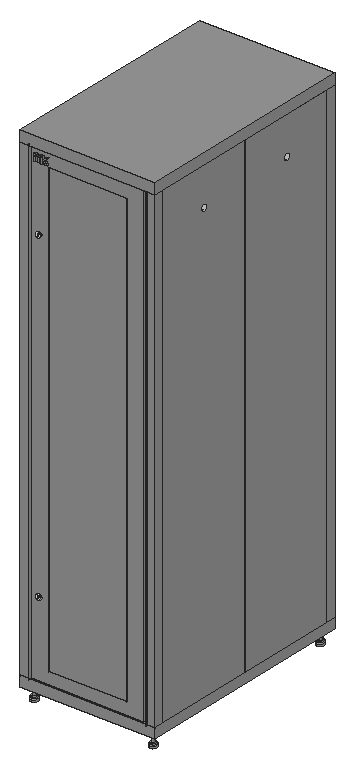
Revit family "ITK_Шкаф сетевой LINEA E_Напольный_24U-47U_IP00", category Электрооборудование, Revit 2019
Family settings
  Размер круглого соединителя = Использовать диаметр
  Тип детали = Другая панель
  На основе рабочей плоскости = Нет
  Всегда вертикально = Да
  При загрузке вырезать с полостями = Нет
  Общий = Нет
  Точка расчета площади = Нет
Parameters (values of type "В2220хШ600хГ1000_Серый_2PM")
  Ширина = 600 mm
  Степень защиты = "IP00"
  Ролики = no
  Панель боковая_ITK_2шт = no
  Панель боковая (1000 мм)_2шт = yes
  Основание = 56 mm
  Материал стекла (перфорации) = Окраска - RAL 7035 перфорация
  Материал = Окраска - RAL 7035
  Изготовитель = "ITK"  # constant formula
  Дата изменения = ""
  Глубина = 1000 mm
  Высота общая = Высота + Основание  # 2276 mm
  Высота = 2220 mm
  УГО двухдверного шкафа = yes
  Тип монтажа = "Напольный"  # constant formula
  ΔХ [instance] = 2000 mm
  ΔY [instance] = 2000 mm
  URL = "https://www.iek.ru/"
  KSI_CPr_Строительные изделия = "61.1.04.08"  # constant formula
  KSI_CMa_Строительные материалы = "10.03.02.06"  # constant formula
  IEK_Цена за единицу = 34629.22
  IEK_Поиск в таблице имен = ""
  IEK_Описание = "Широкий ассортимент исполнений и габаритов.\r\nСборно-разборная конструкция.\r\nL-образная форма 19\" монтажных профилей.\r\n19\" монтажные профили регулируются по глубине и имеют цифровую маркировку высоты в юнитах.\r\nДоступ к внутреннему пространству шкафа возможен с 4-х сторон.\r\nБоковые стенки съёмные, оснащены замком.\r\nВсе токопроводящие элементы конструкции имеют шпильки заземления.\r\nДва точечных дверных замка.\r\nДверь может легко и быстро перенавешиваться.\r\nЗащитная пленка на стекле у обзорной двери.\r\nВентилируемая дверь имеет 75% перфорации.\r\nПолностью совместимы с ассортиментом дверей шкафов LINEA N.\r\nХорошая естественная вентиляция, возможность установки дополнительных вентиляторных панелей серии ПВ.\r\nВозможна одновременная установка шкафа на ножки и на ролики.\r\nНаличие большого количества совместимых аксессуаров и комплектующих производства ITK.\r\nВыполнены в соответствии со стандартами IEC62208, IEC60950, ТР ТС 020/2011, ГОСТ 28601.1-90 и 28601.2-90, ГОСТ 14254.\r\nПоставляются в надёжной и прочной деревянной обрешётке."
  IEK_URL = "https://www.itk-group.ru/produktsiya/catalog/oborudovanie_telekommunikatsionnoe/shkafy_telekommunikatsionnye/shkafy_setevye_napolnye/shkafy_serii_linea_e/600x1000mm/itk_shkaf_setevoy_napolnyy_linea_e_47u_600kh1000mm_perforirovannaya_perednyaya_dver_zadnyaya_metallicheskaya_seryy"
  ADSK_Примечание = ""
  ADSK_Позиция [instance] = ""
  ADSK_Наименование = "ITK Шкаф сетевой 19\" LINEA E 47U В2220хШ600хГ1000 мм, перфорированная передняя дверь, задняя металлическая, серый"
  ADSK_Материал обозначение = ""
  ADSK_Материал наименование = "Листовая сталь"  # constant formula
  ADSK_Масса = 147.2
  ADSK_Марка = "LINEA E"  # constant formula
  ADSK_Код изделия = "LE35-47U61-PM"
  ADSK_Завод-изготовитель = "IEK"  # constant formula
  ADSK_Единица измерения = "шт"  # constant formula
  ADSK_Группирование = "I. ЩИТЫ И ПУЛЬТЫ"  # constant formula
  ADSK_Версия семейства = "1.0"  # constant formula
  ADSK_Версия Revit = "2019"  # constant formula
  ADSK_URL страницы изделия = "https://www.itk-group.ru/produktsiya/catalog/oborudovanie_telekommunikatsionnoe/shkafy_telekommunikatsionnye/shkafy_setevye_napolnye/shkafy_serii_linea_e/600x1000mm/"
Reference planes
  plane 1 "По центру (Вперед/Назад)": y = 0
  plane 2: z = 0
  plane 3 "По центру (Влево/Вправо)": x = 0
  plane 4: y = 500
  plane 5: y = -500
  plane 6: x = -300
  plane 7: x = 300
  plane 8 "Высота ножек": z = 56
  plane 9 "Смещение УГО по X": x = -2000
  plane 10 "Смещение УГО по Y": y = 2000
  plane 11: z = 2276
Forms (mm)
  Extrusion 1, solid, detail levels coarse
    sketch origin (0, 0, 0) x (1, 0, 0) y (0, 1, 0)
      loop
        line (-300, 500) -> (-300, -500) -> (300, -500) -> (300, 500) -> (-300, 500)
    from 0 to 2276 <- "Высота общая"
  Extrusion 2, solid, detail levels medium
    sketch origin (0, 0, 0) x (1, 0, 0) y (0, 1, 0)
      loop
        line (-300, 500) -> (-300, -500) -> (300, -500) -> (300, 500) -> (-300, 500)
    from 0 to 2276 <- "Высота общая"
Lines and regions (mm)
  reference lines
    curve 1: line (0, 90, 0) -> (0, -90, 0)
    curve 2: line (-140, 0, 0) -> (100, 0, 0)
Dimensions and locks
  equal spacing: plane 6, plane 3 "По центру (Влево/Вправо)", plane 7
  "Ширина": plane 6 to plane 7
  equal spacing: plane 4, plane 1 "По центру (Вперед/Назад)", plane 5
  "Глубина": plane 4 to plane 5
  "Основание": plane 8 "Высота ножек" to plane 2
  "ΔY": plane 10 "Смещение УГО по Y" to curve 2
  "ΔХ": plane 9 "Смещение УГО по X" to curve 1
  "Высота": plane 11 to plane 8 "Высота ножек"
  aligned and locked: level to plane 2
  aligned and locked: nested 1 to curve 1
  aligned and locked: nested 1 to curve 2
  aligned and locked: Extrusion 1 sketch curve to plane 4
  aligned and locked: Extrusion 1 sketch curve to plane 6
  aligned and locked: Extrusion 1 sketch curve to plane 7
  aligned and locked: Extrusion 1 sketch curve to plane 5
  aligned and locked: Extrusion 2 sketch curve to plane 6
  aligned and locked: Extrusion 2 sketch curve to plane 7
  aligned and locked: Extrusion 2 sketch curve to plane 4
  aligned and locked: Extrusion 2 sketch curve to plane 5
Automatic sketch dimensions
  curve 2 to plane 3 "По центру (Влево/Вправо)" = 140 mm
  plane 3 "По центру (Влево/Вправо)" to curve 2 = 100 mm
  plane 1 "По центру (Вперед/Назад)" to curve 1 = 90 mm
  curve 1 to plane 1 "По центру (Вперед/Назад)" = 90 mm
Nested families
  nested 1: "УГО_шкафа_ITK" at (0, 0, 0), type "УГО двудверного шкафа", detail levels coarse+medium
    with Ширина УГО 600 mm, Засечка УГО 400 mm, Глубина УГО 1000 mm
  nested 2: "Ножки_ITK" at (0, 0, 0), type "Ножки_ITK", detail levels fine
    with Ширина 600 mm, Основание 56 mm, Глубина 1000 mm
  nested 3: "Комплект роликов" at (0, 0, 0), visible <- "Ролики", Ширина <- "Ширина", Основание <- "Основание", Глубина <- "Глубина", type "Комплект роликов", detail levels fine
    with Ширина 600 mm, Основание 56 mm, Глубина 1000 mm
  nested 4: "Панель боковая_ITK_2шт" at (0, 0, 0), visible <- "Панель боковая_ITK_2шт", type "Панель боковая_ITK_2шт", detail levels fine
    with Глубина 1000 mm, Высота общая 2276 mm
  nested 5: "Основание_ITK_2шт" at (0, 0, 0), type "Основание_ITK_2шт", detail levels fine
    with Ширина 600 mm, Глубина 1000 mm, Высота общая 2276 mm
  nested 6: "Стойка_ITK_комплект 4шт" at (0, 0, 0), type "Стойка_ITK_комплект 4шт", detail levels fine
    with Ширина 600 mm, Глубина 1000 mm, Высота общая 2276 mm
  nested 7: "Комплект двери_мет_зад_ITK" at (0, 0, 0), type "Комплект двери_мет_зад_ITK", detail levels fine
    with Глубина 1000 mm, Высота общая 2276 mm
  nested 8: "Комплект двери перфорированной_ITK" at (0, 0, 0), type "Комплект двери перфорированной_ITK", detail levels fine
    with Глубина 1000 mm, Высота общая 2276 mm
  nested 9: "Панель боковая (1000 мм)_2шт" at (0, 0, 0), visible <- "Панель боковая (1000 мм)_2шт", type "Панель боковая (1000 мм)_2шт", detail levels fine
    with Глубина 1000 mm, Высота общая 2276 mm
Connectors
  electrical at (0, 0, 0)
    settings: on Extrusion 1, index 1, voltage 220 V, apparent load 0 VA, apparent load phase1 1 VA, apparent load phase2 0 VA, apparent load phase3 0 VA, power factor 1, load classification "Прочее", number of poles 1, system type 9, power factor state 1, is connector primary yes, connector utility no, sub classification motor no, connector description ""
Definition of nested family "Ножки_ITK"
  Parameters (values of type "Ножки_ITK")
    Ширина = 800 mm
    Основание = 43 mm
    Глубина = 800 mm
  Reference planes
    plane 1 "По центру (Вперед/Назад)": y = 0
    plane 2: z = 0
    plane 3 "По центру (Влево/Вправо)": x = 0
    plane 4: x = -400
    plane 5: x = 400
    plane 6: y = 400
    plane 7: y = -400
    plane 8: y = 365
    plane 9: y = -365
    plane 10 "Ось ножки-1": x = -365
    plane 11 "Ось ножки-2": x = 365
    plane 12: z = 43
  Forms (mm)
    Revolve 1, solid
      sketch origin (-365, 0, -0.503) x (0, 1, 0) y (0, 0, 1)
        loop
          line (-365, 43.503) -> (-365, 0.503) -> (-351, 0.503) -> (-351, 2) -> (-348, 2) -> (-348, 10)
          arc (-348, 10) -> (-348.586, 11.414) -> (-350, 12) r 2
          line (-350, 12) -> (-354.354, 12) -> (-354.354, 19)
          arc (-354.354, 19) -> (-354.647, 19.707) -> (-355.354, 20) r 1
          line (-355.354, 20) -> (-359, 20) -> (-359, 43.503) -> (-365, 43.503)
        axis (-365, 43.503) -> (-365, 0.503)
      angle from 0 to 360
    Revolve 2, solid
      sketch origin (365, 0, -0.503) x (0, 1, 0) y (0, 0, -1)
        loop
          line (-365, -43.503) -> (-359, -43.503) -> (-359, -20) -> (-355.354, -20)
          arc (-355.354, -20) -> (-354.647, -19.707) -> (-354.354, -19) r 1
          line (-354.354, -19) -> (-354.354, -12) -> (-350, -12)
          arc (-350, -12) -> (-348.586, -11.414) -> (-348, -10) r 2
          line (-348, -10) -> (-348, -2) -> (-351, -2) -> (-351, -0.503) -> (-365, -0.503) -> (-365, -43.503)
        axis (-365, -43.503) -> (-365, -0.503)
      angle from 0 to 360
    Revolve 3, solid
      sketch origin (-365, 0, -0.503) x (0, -1, 0) y (0, 0, -1)
        loop
          line (-365, -43.503) -> (-359, -43.503) -> (-359, -20) -> (-355.354, -20)
          arc (-355.354, -20) -> (-354.647, -19.707) -> (-354.354, -19) r 1
          line (-354.354, -19) -> (-354.354, -12) -> (-350, -12)
          arc (-350, -12) -> (-348.586, -11.414) -> (-348, -10) r 2
          line (-348, -10) -> (-348, -2) -> (-351, -2) -> (-351, -0.503) -> (-365, -0.503) -> (-365, -43.503)
        axis (-365, -43.503) -> (-365, -0.503)
      angle from 0 to 360
    Revolve 4, solid
      sketch origin (365, 0, -0.503) x (0, -1, 0) y (0, 0, 1)
        loop
          line (-365, 43.503) -> (-365, 0.503) -> (-351, 0.503) -> (-351, 2) -> (-348, 2) -> (-348, 10)
          arc (-348, 10) -> (-348.586, 11.414) -> (-350, 12) r 2
          line (-350, 12) -> (-354.354, 12) -> (-354.354, 19)
          arc (-354.354, 19) -> (-354.647, 19.707) -> (-355.354, 20) r 1
          line (-355.354, 20) -> (-359, 20) -> (-359, 43.503) -> (-365, 43.503)
        axis (-365, 43.503) -> (-365, 0.503)
      angle from 0 to 360
  Dimensions and locks
    equal spacing: plane 7, plane 1 "По центру (Вперед/Назад)", plane 6
    equal spacing: plane 4, plane 3 "По центру (Влево/Вправо)", plane 5
    "Ширина": plane 4 to plane 5
    "Глубина": plane 7 to plane 6
    "Основание": plane 12 to plane 2
    locked: plane 6 to plane 8 at 35
    locked: plane 7 to plane 9 at 35
    locked: plane 4 to plane 10 "Ось ножки-1" at 35
    locked: plane 11 "Ось ножки-2" to plane 5 at 35
    aligned and locked: level to plane 2
    aligned and locked: plane 10 "Ось ножки-1" to Revolve 1
    aligned and locked: plane 11 "Ось ножки-2" to Revolve 4
    aligned and locked: plane 11 "Ось ножки-2" to Revolve 2
    aligned and locked: plane 10 "Ось ножки-1" to Revolve 3
    aligned and locked: plane 12 to Revolve 1
    aligned and locked: Revolve 3 to plane 12
    aligned and locked: Revolve 2 to plane 12
    aligned and locked: plane 12 to Revolve 4
  Automatic sketch dimensions
    Revolve 1 sketch curve to plane 9 = 0 mm  (x2)
    level to Revolve 1 sketch curve = 0 mm
    Revolve 1 sketch curve to plane 9 = 6 mm
    Revolve 1 sketch curve to Revolve 1 sketch curve = 3.646 mm
    Revolve 1 sketch curve to Revolve 1 sketch curve = 1 mm
    Revolve 1 sketch curve to Revolve 1 sketch curve = 3.354 mm
    Revolve 1 sketch curve to Revolve 1 sketch curve = 4.354 mm
    Revolve 1 sketch curve to Revolve 1 sketch curve = 2 mm
    level to Revolve 1 sketch curve = 1.497 mm
    Revolve 1 sketch curve to plane 12 = 0 mm
    Revolve 1 sketch curve to level = 305.303 mm
    Revolve 2 sketch curve to plane 9 = 0 mm  (x2)
    level to Revolve 2 sketch curve = 0 mm
    Revolve 2 sketch curve to plane 9 = 6 mm
    Revolve 2 sketch curve to Revolve 2 sketch curve = 3.646 mm
    Revolve 2 sketch curve to Revolve 2 sketch curve = 1 mm
    Revolve 2 sketch curve to Revolve 2 sketch curve = 3.354 mm
    Revolve 2 sketch curve to Revolve 2 sketch curve = 4.354 mm
    Revolve 2 sketch curve to Revolve 2 sketch curve = 2 mm
    Revolve 2 sketch curve to plane 12 = 0 mm
    level to Revolve 2 sketch curve = 1.497 mm
    Revolve 2 sketch curve to level = 305.303 mm
    Revolve 3 sketch curve to plane 8 = 0 mm  (x2)
    level to Revolve 3 sketch curve = 0 mm
    Revolve 3 sketch curve to plane 8 = 6 mm
    Revolve 3 sketch curve to Revolve 3 sketch curve = 3.646 mm
    Revolve 3 sketch curve to Revolve 3 sketch curve = 1 mm
    Revolve 3 sketch curve to Revolve 3 sketch curve = 3.354 mm
    Revolve 3 sketch curve to Revolve 3 sketch curve = 4.354 mm
    Revolve 3 sketch curve to Revolve 3 sketch curve = 2 mm
    Revolve 3 sketch curve to plane 12 = 0 mm
    level to Revolve 3 sketch curve = 1.497 mm
    Revolve 3 sketch curve to level = 305.303 mm
    Revolve 4 sketch curve to plane 8 = 0 mm  (x2)
    level to Revolve 4 sketch curve = 0 mm
    Revolve 4 sketch curve to plane 8 = 6 mm
    Revolve 4 sketch curve to Revolve 4 sketch curve = 3.646 mm
    Revolve 4 sketch curve to Revolve 4 sketch curve = 1 mm
    Revolve 4 sketch curve to Revolve 4 sketch curve = 3.354 mm
    Revolve 4 sketch curve to Revolve 4 sketch curve = 4.354 mm
    Revolve 4 sketch curve to Revolve 4 sketch curve = 2 mm
    level to Revolve 4 sketch curve = 1.497 mm
    Revolve 4 sketch curve to plane 12 = 0 mm
    Revolve 4 sketch curve to level = 305.303 mm
    Revolve 1 sketch curve to Revolve 1 sketch curve = 8 mm
    Revolve 1 sketch curve to Revolve 1 sketch curve = 7 mm
    level to Revolve 2 sketch curve = 19.497 mm
    Revolve 2 sketch curve to Revolve 2 sketch curve = 7 mm
    level to Revolve 3 sketch curve = 19.497 mm
    Revolve 3 sketch curve to Revolve 3 sketch curve = 7 mm
    Revolve 4 sketch curve to Revolve 4 sketch curve = 8 mm
    Revolve 4 sketch curve to Revolve 4 sketch curve = 7 mm
    plane 12 to Revolve 1 sketch curve = 2387.897 mm
    plane 12 to Revolve 2 sketch curve = 2387.897 mm
    plane 12 to Revolve 3 sketch curve = 2387.897 mm
    plane 12 to Revolve 4 sketch curve = 2387.897 mm
Definition of nested family "Комплект роликов"
  Parameters (values of type "Комплект роликов")
    Ширина [instance] = 800 mm
    Основание [instance] = 43 mm
    Глубина [instance] = 800 mm
  Reference planes
    plane 1 "По центру (Вперед/Назад)": y = 0
    plane 2: z = 0
    plane 3 "По центру (Влево/Вправо)": x = 0
    plane 4: x = -400
    plane 5: x = 400
    plane 6: y = 400
    plane 7: y = -400
    plane 8: y = 300
    plane 9: y = -300
    plane 10 "Ось ножки-1": x = -300
    plane 11 "Ось ножки-2": x = 300
    plane 12: z = 43
    plane 13: z = 20
  Forms (mm)
    Revolve 1, solid
      sketch origin (-300, -12, 0) x (0, 1, 0) y (0, 0, 1)
        loop
          line (-300, 0) -> (-290, 0) -> (-290, 15) -> (-300, 15) -> (-310, 15) -> (-310, 0) -> (-300, 0)
        axis (-310, 20) -> (-290, 20)
      angle from 0 to 360
    Extrusion 2, solid
      sketch origin (-300.035, -12, 0) x (1, 0, 0) y (0, 0, 1)
        loop
          line (-35, 43) -> (-19.39, 18.019)
          arc (-19.39, 18.019) -> (-15.758, 14.572) -> (-10.91, 13.318) r 10
          line (-10.91, 13.318) -> (0, 13.318) -> (10.979, 13.318)
          arc (10.979, 13.318) -> (15.828, 14.572) -> (19.46, 18.019) r 10
          line (19.46, 18.019) -> (35.07, 43) -> (-35, 43)
      from 310 to 312
    Extrusion 3, solid
      sketch origin (-300.035, 10, 0) x (1, 0, 0) y (0, 0, 1)
        loop
          line (-35, 43) -> (-19.39, 18.019)
          arc (-19.39, 18.019) -> (-15.758, 14.572) -> (-10.91, 13.318) r 10
          line (-10.91, 13.318) -> (0, 13.318) -> (10.979, 13.318)
          arc (10.979, 13.318) -> (15.828, 14.572) -> (19.46, 18.019) r 10
          line (19.46, 18.019) -> (35.07, 43) -> (-35, 43)
      from 310 to 312
    Revolve 4, solid
      sketch origin (-300, 612, 0) x (0, 1, 0) y (0, 0, 1)
        loop
          line (-300, 0) -> (-290, 0) -> (-290, 15) -> (-300, 15) -> (-310, 15) -> (-310, 0) -> (-300, 0)
        axis (-310, 20) -> (-290, 20)
      angle from 0 to 360
    Extrusion 5, solid
      sketch origin (-268.608, 574, 0) x (1, 0, 0) y (0, 0, 1)
        loop
          line (-66.426, 43) -> (-50.817, 18.019)
          arc (-50.817, 18.019) -> (-47.184, 14.572) -> (-42.336, 13.318) r 10
          line (-42.336, 13.318) -> (-31.426, 13.318) -> (-20.447, 13.318)
          arc (-20.447, 13.318) -> (-15.599, 14.572) -> (-11.966, 18.019) r 10
          line (-11.966, 18.019) -> (3.643, 43) -> (-66.426, 43)
      from 272 to 274
    Extrusion 6, solid
      sketch origin (-300.035, 596, 0) x (1, 0, 0) y (0, 0, 1)
        loop
          line (-35, 43) -> (-19.39, 18.019)
          arc (-19.39, 18.019) -> (-15.758, 14.572) -> (-10.91, 13.318) r 10
          line (-10.91, 13.318) -> (0, 13.318) -> (10.979, 13.318)
          arc (10.979, 13.318) -> (15.828, 14.572) -> (19.46, 18.019) r 10
          line (19.46, 18.019) -> (35.07, 43) -> (-35, 43)
      from 272 to 274
    Revolve 7, solid
      sketch origin (300, 612, 0) x (0, 1, 0) y (0, 0, 1)
        loop
          line (-300, 0) -> (-290, 0) -> (-290, 15) -> (-300, 15) -> (-310, 15) -> (-310, 0) -> (-300, 0)
        axis (-310, 20) -> (-290, 20)
      angle from 0 to 360
    Extrusion 8, solid
      sketch origin (11.392, 574, 0) x (1, 0, 0) y (0, 0, 1)
        loop
          line (253.574, 43) -> (269.183, 18.019)
          arc (269.183, 18.019) -> (272.816, 14.572) -> (277.664, 13.318) r 10
          line (277.664, 13.318) -> (288.574, 13.318) -> (299.553, 13.318)
          arc (299.553, 13.318) -> (304.401, 14.572) -> (308.034, 18.019) r 10
          line (308.034, 18.019) -> (323.643, 43) -> (253.574, 43)
      from 272 to 274
    Extrusion 9, solid
      sketch origin (-20.035, 596, 0) x (1, 0, 0) y (0, 0, 1)
        loop
          line (285, 43) -> (300.61, 18.019)
          arc (300.61, 18.019) -> (304.242, 14.572) -> (309.09, 13.318) r 10
          line (309.09, 13.318) -> (320, 13.318) -> (330.979, 13.318)
          arc (330.979, 13.318) -> (335.828, 14.572) -> (339.46, 18.019) r 10
          line (339.46, 18.019) -> (355.07, 43) -> (285, 43)
      from 272 to 274
    Revolve 10, solid
      sketch origin (300, 338, 0) x (0, 1, 0) y (0, 0, 1)
        loop
          line (-650, 0) -> (-640, 0) -> (-640, 15) -> (-650, 15) -> (-660, 15) -> (-660, 0) -> (-650, 0)
        axis (-660, 20) -> (-640, 20)
      angle from 0 to 360
    Extrusion 11, solid
      sketch origin (11.392, 300, 0) x (1, 0, 0) y (0, 0, 1)
        loop
          line (253.574, 43) -> (269.183, 18.019)
          arc (269.183, 18.019) -> (272.816, 14.572) -> (277.664, 13.318) r 10
          line (277.664, 13.318) -> (288.574, 13.318) -> (299.553, 13.318)
          arc (299.553, 13.318) -> (304.401, 14.572) -> (308.034, 18.019) r 10
          line (308.034, 18.019) -> (323.643, 43) -> (253.574, 43)
      from 622 to 624
    Extrusion 12, solid
      sketch origin (-20.035, 322, 0) x (1, 0, 0) y (0, 0, 1)
        loop
          line (285, 43) -> (300.61, 18.019)
          arc (300.61, 18.019) -> (304.242, 14.572) -> (309.09, 13.318) r 10
          line (309.09, 13.318) -> (320, 13.318) -> (330.979, 13.318)
          arc (330.979, 13.318) -> (335.828, 14.572) -> (339.46, 18.019) r 10
          line (339.46, 18.019) -> (355.07, 43) -> (285, 43)
      from 622 to 624
  Dimensions and locks
    equal spacing: plane 7, plane 1 "По центру (Вперед/Назад)", plane 6
    equal spacing: plane 4, plane 3 "По центру (Влево/Вправо)", plane 5
    "Ширина": plane 4 to plane 5
    "Глубина": plane 7 to plane 6
    "Основание": plane 12 to plane 2
    locked: plane 6 to plane 8 at 100
    locked: plane 7 to plane 9 at 100
    locked: plane 4 to plane 10 "Ось ножки-1" at 100
    locked: plane 11 "Ось ножки-2" to plane 5 at 100
    plane 13 to level = 20 mm
    Extrusion 2 to plane 10 "Ось ножки-1" to Extrusion 2 = 35.035 mm locked, 35.035 mm locked
    locked: Extrusion 3 to plane 9 at 2
    locked: Extrusion 2 to Extrusion 2 at 2
    locked: Extrusion 2 to Extrusion 3 at 20
    locked: Extrusion 5 to plane 8 at 2
    locked: Extrusion 6 to Extrusion 6 at 2
    locked: Extrusion 5 to Extrusion 6 at 20
    locked: Extrusion 9 to Extrusion 9 at 2
    locked: Extrusion 8 to Extrusion 9 at 20  (x2)
    locked: Extrusion 8 to plane 8 at 2
    locked: Extrusion 12 to Extrusion 12 at 2
    locked: Extrusion 11 to Extrusion 12 at 20  (x2)
    locked: Extrusion 11 to Extrusion 11 at 2
    aligned and locked: level to plane 2
    aligned and locked: plane 10 "Ось ножки-1" to Revolve 1
    aligned and locked: Extrusion 2 to Revolve 1
    aligned and locked: Extrusion 5 to Revolve 4
    aligned and locked: plane 10 "Ось ножки-1" to Revolve 4
    aligned and locked: Extrusion 3 to plane 9
    aligned and locked: Revolve 1 to Extrusion 3
    aligned and locked: Extrusion 5 to plane 8
    aligned and locked: Revolve 4 to Extrusion 6
    aligned and locked: Extrusion 8 to Revolve 7
    aligned and locked: Revolve 7 to Extrusion 9
    aligned and locked: plane 11 "Ось ножки-2" to Revolve 7
    aligned and locked: Extrusion 8 to plane 8
    aligned and locked: Extrusion 11 to Revolve 10
    aligned and locked: Revolve 10 to Extrusion 12
    aligned and locked: Extrusion 12 to plane 9
    aligned and locked: plane 11 "Ось ножки-2" to Revolve 10
  Automatic sketch dimensions
    Revolve 1 sketch curve to plane 13 = 0 mm
    Revolve 1 sketch curve to level = 0 mm
    plane 9 to Revolve 1 sketch curve = 22 mm
    Revolve 1 sketch curve to Revolve 1 sketch curve = 10 mm  (x2)
    Revolve 1 sketch curve to plane 13 = 5 mm
    plane 9 to Revolve 1 sketch curve = 2 mm
    plane 7 to Revolve 1 sketch curve = 27.065 mm
    Revolve 1 sketch curve to plane 8 = 39.968 mm
    Extrusion 2 sketch curve to plane 12 = 0 mm
    Extrusion 2 sketch curve to plane 10 "Ось ножки-1" = 35.035 mm
    Extrusion 2 sketch curve to plane 13 = 1.981 mm  (x2)
    Extrusion 2 sketch curve to plane 10 "Ось ножки-1" = 19.425 mm
    plane 13 to Extrusion 2 sketch curve = 3.318 mm  (x2)
    Extrusion 2 sketch curve to Extrusion 2 sketch curve = 8.48 mm
    Extrusion 2 sketch curve to plane 10 "Ось ножки-1" = 0.035 mm
    plane 10 "Ось ножки-1" to Extrusion 2 sketch curve = 10.945 mm
    Extrusion 2 sketch curve to Extrusion 2 sketch curve = 15.61 mm
    Extrusion 3 sketch curve to plane 12 = 0 mm
    Extrusion 3 sketch curve to plane 10 "Ось ножки-1" = 35.035 mm
    Extrusion 3 sketch curve to plane 13 = 1.981 mm  (x2)
    Extrusion 3 sketch curve to plane 10 "Ось ножки-1" = 19.425 mm
    plane 13 to Extrusion 3 sketch curve = 3.318 mm  (x2)
    Extrusion 3 sketch curve to Extrusion 3 sketch curve = 8.48 mm
    Extrusion 3 sketch curve to plane 10 "Ось ножки-1" = 0.035 mm
    plane 10 "Ось ножки-1" to Extrusion 3 sketch curve = 10.945 mm
    Extrusion 3 sketch curve to Extrusion 3 sketch curve = 15.61 mm
    Revolve 4 sketch curve to plane 13 = 0 mm
    Revolve 4 sketch curve to level = 0 mm
    plane 8 to Revolve 4 sketch curve = 2 mm
    Revolve 4 sketch curve to Revolve 4 sketch curve = 10 mm  (x3)
    Revolve 4 sketch curve to plane 13 = 5 mm
    Revolve 4 sketch curve to plane 1 "По центру (Вперед/Назад)" = 7.935 mm
    plane 6 to Revolve 4 sketch curve = 295.032 mm
    Extrusion 5 sketch curve to plane 12 = 0 mm
    Extrusion 5 sketch curve to plane 10 "Ось ножки-1" = 35.035 mm
    Extrusion 5 sketch curve to plane 13 = 1.981 mm  (x2)
    Extrusion 5 sketch curve to plane 10 "Ось ножки-1" = 19.425 mm
    plane 13 to Extrusion 5 sketch curve = 3.318 mm  (x2)
    Extrusion 5 sketch curve to Extrusion 5 sketch curve = 8.48 mm
    Extrusion 5 sketch curve to plane 10 "Ось ножки-1" = 0.035 mm
    plane 10 "Ось ножки-1" to Extrusion 5 sketch curve = 10.945 mm
    Extrusion 5 sketch curve to Extrusion 5 sketch curve = 15.61 mm
    Extrusion 6 sketch curve to plane 12 = 0 mm
    Extrusion 6 sketch curve to plane 10 "Ось ножки-1" = 35.035 mm
    Extrusion 6 sketch curve to plane 13 = 1.981 mm  (x2)
    Extrusion 6 sketch curve to plane 10 "Ось ножки-1" = 19.425 mm
    plane 13 to Extrusion 6 sketch curve = 3.318 mm  (x2)
    Extrusion 6 sketch curve to Extrusion 6 sketch curve = 8.48 mm
    Extrusion 6 sketch curve to plane 10 "Ось ножки-1" = 0.035 mm
    plane 10 "Ось ножки-1" to Extrusion 6 sketch curve = 10.945 mm
    Extrusion 6 sketch curve to Extrusion 6 sketch curve = 15.61 mm
    Revolve 7 sketch curve to plane 13 = 0 mm
    Revolve 7 sketch curve to level = 0 mm
    plane 8 to Revolve 7 sketch curve = 2 mm
    Revolve 7 sketch curve to Revolve 7 sketch curve = 10 mm  (x3)
    Revolve 7 sketch curve to plane 13 = 5 mm
    Revolve 7 sketch curve to plane 1 "По центру (Вперед/Назад)" = 7.935 mm
    plane 6 to Revolve 7 sketch curve = 295.032 mm
    Extrusion 8 sketch curve to plane 12 = 0 mm
    plane 11 "Ось ножки-2" to Extrusion 8 sketch curve = 35.035 mm
    Extrusion 8 sketch curve to plane 13 = 1.981 mm  (x2)
    plane 11 "Ось ножки-2" to Extrusion 8 sketch curve = 19.425 mm
    plane 13 to Extrusion 8 sketch curve = 3.318 mm  (x2)
    Extrusion 8 sketch curve to Extrusion 8 sketch curve = 8.48 mm
    plane 11 "Ось ножки-2" to Extrusion 8 sketch curve = 0.035 mm
    Extrusion 8 sketch curve to plane 11 "Ось ножки-2" = 10.945 mm
    Extrusion 8 sketch curve to Extrusion 8 sketch curve = 15.61 mm
    Extrusion 9 sketch curve to plane 12 = 0 mm
    plane 11 "Ось ножки-2" to Extrusion 9 sketch curve = 35.035 mm
    Extrusion 9 sketch curve to plane 13 = 1.981 mm  (x2)
    plane 11 "Ось ножки-2" to Extrusion 9 sketch curve = 19.425 mm
    plane 13 to Extrusion 9 sketch curve = 3.318 mm  (x2)
    Extrusion 9 sketch curve to Extrusion 9 sketch curve = 8.48 mm
    plane 11 "Ось ножки-2" to Extrusion 9 sketch curve = 0.035 mm
    Extrusion 9 sketch curve to plane 11 "Ось ножки-2" = 10.945 mm
    Extrusion 9 sketch curve to Extrusion 9 sketch curve = 15.61 mm
    Revolve 10 sketch curve to plane 13 = 0 mm
    Revolve 10 sketch curve to level = 0 mm
    plane 9 to Revolve 10 sketch curve = 22 mm
    Revolve 10 sketch curve to Revolve 10 sketch curve = 10 mm  (x2)
    Revolve 10 sketch curve to plane 13 = 5 mm
    plane 9 to Revolve 10 sketch curve = 2 mm
    plane 7 to Revolve 10 sketch curve = 41.065 mm
    plane 6 to Revolve 10 sketch curve = 21.032 mm
    Extrusion 11 sketch curve to plane 12 = 0 mm
    plane 11 "Ось ножки-2" to Extrusion 11 sketch curve = 35.035 mm
    Extrusion 11 sketch curve to plane 13 = 1.981 mm  (x2)
    plane 11 "Ось ножки-2" to Extrusion 11 sketch curve = 19.425 mm
    plane 13 to Extrusion 11 sketch curve = 3.318 mm  (x2)
    Extrusion 11 sketch curve to Extrusion 11 sketch curve = 8.48 mm
    plane 11 "Ось ножки-2" to Extrusion 11 sketch curve = 0.035 mm
    Extrusion 11 sketch curve to plane 11 "Ось ножки-2" = 10.945 mm
    Extrusion 11 sketch curve to Extrusion 11 sketch curve = 15.61 mm
    Extrusion 12 sketch curve to plane 12 = 0 mm
    plane 11 "Ось ножки-2" to Extrusion 12 sketch curve = 35.035 mm
    Extrusion 12 sketch curve to plane 13 = 1.981 mm  (x2)
    plane 11 "Ось ножки-2" to Extrusion 12 sketch curve = 19.425 mm
    plane 13 to Extrusion 12 sketch curve = 3.318 mm  (x2)
    Extrusion 12 sketch curve to Extrusion 12 sketch curve = 8.48 mm
    plane 11 "Ось ножки-2" to Extrusion 12 sketch curve = 0.035 mm
    Extrusion 12 sketch curve to plane 11 "Ось ножки-2" = 10.945 mm
    Extrusion 12 sketch curve to Extrusion 12 sketch curve = 15.61 mm
Definition of nested family "Панель боковая_ITK_2шт"
  Parameters (values of type "Панель боковая_ITK_2шт")
    Ширина = 600 mm
    Основание = 56 mm
    Материал = none
    Глубина = 800 mm
    Высота общая = 2056 mm
  Reference planes
    plane 1 "По центру (Вперед/Назад)": y = 0
    plane 2: z = 0
    plane 3 "По центру (Влево/Вправо)": x = 0
    plane 4: x = -300
    plane 5: x = 300
    plane 6: y = 400
    plane 7: y = -400
    plane 8: y = 360
    plane 9: y = -360
    plane 10: x = -260
    plane 11: x = 260
    plane 12: z = 2011
    plane 13: z = 101
    plane 14: z = 2006
    plane 15: z = 106
    plane 16: z = 56
    plane 17: z = 2056
    plane 18: z = 1389.333
    plane 19: z = 722.667
  Forms (mm)
    Extrusion 1, solid, material <- "Материал"
      sketch origin (0, 0, 0) x (1, 0, 0) y (0, 1, 0)
        loop
          line (-300, 355) -> (-300, -355) -> (-269.98, -355) -> (-269.98, -345) -> (-289.98, -345) -> (-289.98, 345) -> (-270, 345) -> (-270, 355) -> (-300, 355)
        loop
          line (300, 355) -> (269.98, 355) -> (269.98, 345) -> (289.98, 345) -> (289.98, -345) -> (269.98, -345) -> (269.98, -355) -> (300, -355) -> (300, 355)
      from 106 to 2006
  Dimensions and locks
    equal spacing: plane 7, plane 1 "По центру (Вперед/Назад)", plane 6
    equal spacing: plane 4, plane 3 "По центру (Влево/Вправо)", plane 5
    "Ширина": plane 4 to plane 5
    "Глубина": plane 7 to plane 6
    locked: plane 7 to plane 9 at 40
    locked: plane 6 to plane 8 at 40
    locked: plane 11 to plane 5 at 40
    locked: plane 4 to plane 10 at 40
    locked: plane 12 to plane 14 at 5
    locked: plane 15 to plane 13 at 5
    locked: plane 13 to plane 16 at 45
    "Основание": plane 16 to plane 2
    locked: plane 17 to plane 12 at 45
    equal spacing: plane 17, plane 18, plane 19, plane 16
    "Высота общая": plane 17 to plane 2
    locked: plane 14 to nested 1 at 170
    locked: plane 14 to nested 2 at 170
    aligned and locked: level to plane 2
    aligned and locked: plane 4 to Extrusion 1 sketch curve
    aligned and locked: Extrusion 1 sketch curve to plane 5
    aligned and locked: plane 14 to Extrusion 1
    aligned and locked: Extrusion 1 to plane 15
    aligned and locked: nested 1 to plane 1 "По центру (Вперед/Назад)"
    aligned and locked: nested 2 to plane 1 "По центру (Вперед/Назад)"
  Automatic sketch dimensions
    plane 4 to Extrusion 1 sketch curve = 10.02 mm
    Extrusion 1 sketch curve to plane 10 = 10 mm
    Extrusion 1 sketch curve to plane 10 = 9.98 mm
    Extrusion 1 sketch curve to plane 11 = 9.98 mm  (x2)
    plane 5 to Extrusion 1 sketch curve = 10.02 mm
    Extrusion 1 sketch curve to plane 9 = 15 mm  (x2)
    Extrusion 1 sketch curve to plane 8 = 15 mm  (x2)
    Extrusion 1 sketch curve to plane 9 = 5 mm  (x2)
    Extrusion 1 sketch curve to plane 8 = 5 mm  (x2)
  Nested families
    nested 1: "Замок_ITK" at (-300, 0, 1836) x (0, 1, 0) z (-1, 0, 0), type "Замок_ITK", detail levels fine
    nested 2: "Замок_ITK" at (300, 0, 1836) x (0, 1, 0) z (1, 0, 0), type "Замок_ITK"
  Definition of nested family "Замок_ITK"
    Parameters (values of type "Замок_ITK")
      Default Elevation = 1219.2 mm
      Материал = none
    Reference planes
      plane 1 "По центру (Вперед/Назад)": y = 0
      plane 2: z = 0
      plane 3 "По центру (Влево/Вправо)": x = 0
    Forms (mm)
      Extrusion 1, solid
        sketch origin (0, 0, 0) x (1, 0, 0) y (0, 1, 0)
          loop
            line (-1219.2, 1219.2) -> (-1219.2, -1219.2) -> (1219.2, -1219.2) -> (1219.2, 1219.2) -> (-1219.2, 1219.2)
        from 0 to -304.8
      Extrusion 2, solid
        sketch origin (0, 0, 0) x (1, 0, 0) y (0, 1, 0)
          loop
            circle (0, 0) r 11.5
          loop
            line (1, 5.5) -> (-1, 5.5) -> (-1, -8.219) -> (1, -8.219) -> (1, 5.5)
        from 0 to 4
    Dimensions and locks
      aligned and locked: plane 2 to Extrusion 1
      aligned and locked: level to Extrusion 1
Definition of nested family "Основание_ITK_2шт"
  Parameters (values of type "Основание_ITK_2шт")
    Ширина = 800 mm
    Основание = 56 mm
    Материал = none
    Глубина = 800 mm
    Высота общая = 1650 mm
  Reference planes
    plane 1 "По центру (Вперед/Назад)": y = 0
    plane 2: z = 0
    plane 3 "По центру (Влево/Вправо)": x = 0
    plane 4: x = -400
    plane 5: x = 400
    plane 6: y = 400
    plane 7: y = -400
    plane 8: y = 360
    plane 9: y = -360
    plane 10: x = -360
    plane 11: x = 360
    plane 12: z = 101
    plane 13: z = 56
    plane 14: z = 1650
    plane 15: z = 1605
    plane 16: z = 1600
    plane 17: z = 106
  Forms (mm)
    Extrusion 1, solid, material <- "Материал"
      sketch origin (0, 0, 0) x (1, 0, 0) y (0, 0, 1)
        loop
          line (-400, 1650) -> (-400, 1605) -> (400, 1605) -> (400, 1650) -> (-400, 1650)
        loop
          line (-400, 101) -> (-400, 56) -> (400, 56) -> (400, 101) -> (-400, 101)
      from -400 to 400
    Extrusion 2, solid, material <- "Материал"
      sketch origin (-1511.359, -1524, 1605) x (-1, 0, 0) y (0, -1, 0)
        loop
          line (-1871.359, -1869) -> (-1871.359, -1884) -> (-1856.359, -1884) -> (-1856.359, -1914) -> (-1166.359, -1914) -> (-1166.359, -1884) -> (-1151.359, -1884) -> (-1151.359, -1869) -> (-1121.359, -1869) -> (-1121.359, -1179) -> (-1151.359, -1179) -> (-1151.359, -1164) -> (-1166.359, -1164) -> (-1166.359, -1144) -> (-1856.359, -1144) -> (-1856.359, -1164) -> (-1871.359, -1164) -> (-1871.359, -1179) -> (-1901.359, -1179) -> (-1901.359, -1869) -> (-1871.359, -1869)
      from -5 to 0
    Extrusion 3, solid, material <- "Материал"
      sketch origin (-1511.359, -1524, 384.733) x (0, 1, 0) y (1, 0, 0)
        loop
          line (1869, 1871.359) -> (1869, 1901.359) -> (1179, 1901.359) -> (1179, 1871.359) -> (1164, 1871.359) -> (1164, 1856.359) -> (1144, 1856.359) -> (1144, 1166.359) -> (1164, 1166.359) -> (1164, 1151.359) -> (1179, 1151.359) -> (1179, 1121.359) -> (1869, 1121.359) -> (1869, 1151.359) -> (1884, 1151.359) -> (1884, 1166.359) -> (1914, 1166.359) -> (1914, 1856.359) -> (1884, 1856.359) -> (1884, 1871.359) -> (1869, 1871.359)
      from 278.733 to 283.733
  Dimensions and locks
    equal spacing: plane 7, plane 1 "По центру (Вперед/Назад)", plane 6
    equal spacing: plane 4, plane 3 "По центру (Влево/Вправо)", plane 5
    "Ширина": plane 4 to plane 5
    "Глубина": plane 7 to plane 6
    locked: plane 7 to plane 9 at 40
    locked: plane 6 to plane 8 at 40
    locked: plane 11 to plane 5 at 40
    locked: plane 4 to plane 10 at 40
    "Основание": plane 13 to plane 2
    locked: plane 12 to plane 13 at 45
    locked: plane 14 to plane 15 at 45
    locked: plane 15 to plane 16 at 5
    locked: plane 17 to plane 12 at 5
    "Высота общая": plane 14 to plane 2
    aligned and locked: level to plane 2
    aligned and locked: Extrusion 1 sketch curve to plane 14
    aligned and locked: plane 4 to Extrusion 1 sketch curve  (x2)
    aligned and locked: plane 15 to Extrusion 1 sketch curve
    aligned and locked: plane 5 to Extrusion 1 sketch curve  (x2)
    aligned and locked: Extrusion 1 sketch curve to plane 12
    aligned and locked: plane 13 to Extrusion 1 sketch curve
    aligned and locked: plane 6 to Extrusion 1
    aligned and locked: plane 7 to Extrusion 1
    aligned and locked: plane 9 to Extrusion 2 sketch curve
    aligned and locked: Extrusion 2 sketch curve to plane 9
    aligned and locked: Extrusion 2 sketch curve to plane 10
    aligned and locked: plane 11 to Extrusion 2 sketch curve
    aligned and locked: Extrusion 2 sketch curve to plane 11
    aligned and locked: plane 8 to Extrusion 2 sketch curve
    aligned and locked: Extrusion 2 sketch curve to plane 8
    aligned and locked: plane 10 to Extrusion 2 sketch curve
    aligned and locked: plane 15 to Extrusion 2
    aligned and locked: Extrusion 2 to plane 16
    aligned and locked: Extrusion 3 to plane 12
    aligned and locked: plane 17 to Extrusion 3
    aligned and locked: Extrusion 2 sketch curve to Extrusion 3
  Automatic sketch dimensions
    plane 5 to Extrusion 2 sketch curve = 10 mm
    Extrusion 2 sketch curve to Extrusion 2 sketch curve = 15 mm  (x2)
    plane 10 to Extrusion 2 sketch curve = 15 mm  (x2)
    plane 4 to Extrusion 2 sketch curve = 10 mm
    Extrusion 2 sketch curve to plane 6 = 10 mm
    Extrusion 2 sketch curve to plane 8 = 15 mm  (x2)
    Extrusion 2 sketch curve to plane 9 = 15 mm  (x2)
    plane 9 to Extrusion 3 sketch curve = 0 mm  (x2)
    Extrusion 3 sketch curve to plane 11 = 0 mm  (x2)
    Extrusion 3 sketch curve to plane 10 = 0 mm  (x2)
    Extrusion 3 sketch curve to plane 8 = 0 mm  (x2)
    Extrusion 3 sketch curve to plane 7 = 20 mm
    Extrusion 3 sketch curve to plane 9 = 15 mm  (x2)
    Extrusion 3 sketch curve to Extrusion 3 sketch curve = 15 mm  (x3)
    Extrusion 3 sketch curve to plane 8 = 15 mm
    Extrusion 3 sketch curve to plane 6 = 10 mm
    plane 5 to Extrusion 3 sketch curve = 10 mm
    plane 10 to Extrusion 3 sketch curve = 15 mm  (x2)
    plane 4 to Extrusion 3 sketch curve = 10 mm
Definition of nested family "Стойка_ITK_комплект 4шт"
  Parameters (values of type "Стойка_ITK_комплект 4шт")
    Ширина = 800 mm
    Основание = 56 mm
    Материал = none
    Глубина = 800 mm
    Высота общая = 1706 mm
  Reference planes
    plane 1 "По центру (Вперед/Назад)": y = 0
    plane 2: z = 0
    plane 3 "По центру (Влево/Вправо)": x = 0
    plane 4: x = -400
    plane 5: x = 400
    plane 6: y = 400
    plane 7: y = -400
    plane 8: y = 360
    plane 9: y = -360
    plane 10: x = -360
    plane 11: x = 360
    plane 12: z = 1666
    plane 13: z = 96
    plane 14: z = 56
    plane 15: z = 1706
  Forms (mm)
    Extrusion 1, solid, material <- "Материал"
      sketch origin (0, 0, 0) x (1, 0, 0) y (0, 1, 0)
        loop
          line (-400, -360) -> (-400, -400) -> (-360, -400) -> (-360, -380) -> (-345, -380) -> (-345, -360) -> (-360, -360) -> (-360, -345) -> (-370, -345) -> (-370, -360) -> (-400, -360)
        loop
          line (400, -360) -> (370, -360) -> (370, -345) -> (360, -345) -> (360, -360) -> (345, -360) -> (345, -380) -> (360, -380) -> (360, -400) -> (400, -400) -> (400, -360)
        loop
          line (400, 360) -> (400, 400) -> (360, 400) -> (360, 370) -> (345, 370) -> (345, 360) -> (360, 360) -> (360, 345) -> (370, 345) -> (370, 360) -> (400, 360)
        loop
          line (-400, 360) -> (-370, 360) -> (-370, 345) -> (-360, 345) -> (-360, 360) -> (-345, 360) -> (-345, 370) -> (-360, 370) -> (-360, 400) -> (-400, 400) -> (-400, 360)
        loop
          line (397, 397) -> (363, 397) -> (363, 367) -> (348, 367) -> (348, 363) -> (363, 363) -> (363, 348) -> (367, 348) -> (367, 363) -> (397, 363) -> (397, 397)
        loop
          line (-363, 397) -> (-397, 397) -> (-397, 363) -> (-367, 363) -> (-367, 348) -> (-363, 348) -> (-363, 363) -> (-348, 363) -> (-348, 367) -> (-363, 367) -> (-363, 397)
        loop
          line (-397, -363) -> (-397, -397) -> (-363, -397) -> (-363, -377) -> (-348, -377) -> (-348, -363) -> (-363, -363) -> (-363, -348) -> (-367, -348) -> (-367, -363) -> (-397, -363)
        loop
          line (363, -397) -> (397, -397) -> (397, -363) -> (367, -363) -> (367, -348) -> (363, -348) -> (363, -363) -> (348, -363) -> (348, -377) -> (363, -377) -> (363, -397)
      from 96 to 1666
  Dimensions and locks
    equal spacing: plane 7, plane 1 "По центру (Вперед/Назад)", plane 6
    equal spacing: plane 4, plane 3 "По центру (Влево/Вправо)", plane 5
    "Ширина": plane 4 to plane 5
    "Глубина": plane 7 to plane 6
    locked: plane 7 to plane 9 at 40
    locked: plane 6 to plane 8 at 40
    locked: plane 11 to plane 5 at 40
    locked: plane 4 to plane 10 at 40
    locked: plane 13 to plane 14 at 40
    "Основание": plane 14 to plane 2
    "Высота общая": plane 15 to plane 2
    locked: plane 15 to plane 12 at 40
    aligned and locked: level to plane 2
    aligned and locked: plane 9 to Extrusion 1 sketch curve
    aligned and locked: plane 4 to Extrusion 1 sketch curve
    aligned and locked: Extrusion 1 sketch curve to plane 7
    aligned and locked: plane 5 to Extrusion 1 sketch curve
    aligned and locked: plane 8 to Extrusion 1 sketch curve  (x2)
    aligned and locked: Extrusion 1 sketch curve to plane 11  (x2)
    aligned and locked: Extrusion 1 sketch curve to plane 6
    aligned and locked: plane 10 to Extrusion 1 sketch curve  (x2)
    aligned and locked: Extrusion 1 sketch curve to plane 8  (x2)
    aligned and locked: plane 6 to Extrusion 1 sketch curve
    aligned and locked: Extrusion 1 sketch curve to plane 4
    aligned and locked: plane 7 to Extrusion 1 sketch curve
    aligned and locked: Extrusion 1 sketch curve to plane 5
    aligned and locked: Extrusion 1 sketch curve to plane 9
    aligned and locked: plane 11 to Extrusion 1 sketch curve
    aligned and locked: plane 12 to Extrusion 1
    aligned and locked: Extrusion 1 to plane 13
  Automatic sketch dimensions
    Extrusion 1 sketch curve to plane 10 = 0 mm  (x2)
    plane 9 to Extrusion 1 sketch curve = 0 mm  (x2)
    Extrusion 1 sketch curve to plane 11 = 0 mm
    plane 4 to Extrusion 1 sketch curve = 3 mm  (x2)
    Extrusion 1 sketch curve to plane 10 = 10 mm  (x2)
    Extrusion 1 sketch curve to Extrusion 1 sketch curve = 3 mm  (x16)
    Extrusion 1 sketch curve to plane 10 = 3 mm  (x4)
    plane 10 to Extrusion 1 sketch curve = 12 mm  (x2)
    Extrusion 1 sketch curve to Extrusion 1 sketch curve = 15 mm  (x2)
    Extrusion 1 sketch curve to plane 11 = 3 mm  (x4)
    Extrusion 1 sketch curve to Extrusion 1 sketch curve = 4 mm  (x4)
    plane 5 to Extrusion 1 sketch curve = 3 mm  (x2)
    Extrusion 1 sketch curve to plane 7 = 3 mm  (x2)
    Extrusion 1 sketch curve to plane 7 = 20 mm  (x2)
    plane 9 to Extrusion 1 sketch curve = 3 mm  (x4)
    Extrusion 1 sketch curve to plane 9 = 12 mm  (x2)
    Extrusion 1 sketch curve to plane 8 = 15 mm  (x2)
    plane 8 to Extrusion 1 sketch curve = 3 mm  (x4)
    Extrusion 1 sketch curve to plane 6 = 3 mm  (x2)
Definition of nested family "Комплект двери_мет_зад_ITK"
  Parameters (values of type "Комплект двери_мет_зад_ITK")
    Ширина = 600 mm
    Основание = 56 mm
    Материал = none
    Глубина = 600 mm
    Высота общая = 1706 mm
  Reference planes
    plane 1 "По центру (Вперед/Назад)": y = 0
    plane 2: z = 0
    plane 3 "По центру (Влево/Вправо)": x = 0
    plane 4: x = -300
    plane 5: x = 300
    plane 6: y = 300
    plane 7: y = -300
    plane 8 "Дверь-4": z = 106
    plane 9: z = 56
    plane 10: z = 881
    plane 11: z = 1706
    plane 12 "Дверь-2": z = 1656
    plane 13 "Дверь-1": x = -250
    plane 14 "Дверь-3": x = 250
    plane 15: y = 280
    plane 16 "Ручки-1": x = 217
    plane 17 "Ручки-2": z = 1321
    plane 18 "Ручки-3": z = 441
  Forms (mm)
    Extrusion 1, solid, material <- "Материал", detail levels fine
      sketch origin (0, 0, 0) x (1, 0, 0) y (0, 0, 1)
        loop
          line (250, 106) -> (250, 1656) -> (-250, 1656) -> (-250, 106) -> (250, 106)
      from -300 to -280
  Dimensions and locks
    equal spacing: plane 7, plane 1 "По центру (Вперед/Назад)", plane 6
    equal spacing: plane 4, plane 3 "По центру (Влево/Вправо)", plane 5
    "Ширина": plane 4 to plane 5
    "Глубина": plane 7 to plane 6
    "Основание": plane 9 to plane 2
    equal spacing: plane 11, plane 10, plane 9
    "Высота общая": plane 11 to plane 2
    locked: plane 8 "Дверь-4" to plane 9 at 50
    locked: plane 11 to plane 12 "Дверь-2" at 50
    locked: plane 13 "Дверь-1" to plane 4 at 50
    locked: plane 14 "Дверь-3" to plane 5 at 50
    locked: plane 6 to plane 15 at 20
    locked: plane 16 "Ручки-1" to plane 14 "Дверь-3" at 33
    locked: plane 17 "Ручки-2" to plane 12 "Дверь-2" at 335
    locked: plane 8 "Дверь-4" to plane 18 "Ручки-3" at 335
    aligned and locked: level to plane 2
    aligned and locked: plane 14 "Дверь-3" to Extrusion 1 sketch curve
    aligned and locked: plane 12 "Дверь-2" to Extrusion 1 sketch curve
    aligned and locked: plane 13 "Дверь-1" to Extrusion 1 sketch curve
    aligned and locked: plane 8 "Дверь-4" to Extrusion 1 sketch curve
    aligned and locked: plane 6 to Extrusion 1
    aligned and locked: Extrusion 1 to plane 15
    aligned and locked: plane 17 "Ручки-2" to nested 1
    aligned and locked: nested 1 to plane 16 "Ручки-1"
    aligned and locked: plane 18 "Ручки-3" to nested 2
    aligned and locked: plane 16 "Ручки-1" to nested 2
  Nested families
    nested 1: "Замок_ITK" at (217, 300, 1321) x (1, 0, 0) z (0, 1, 0), type "Замок_ITK"
    nested 2: "Замок_ITK" at (217, 300, 441) x (1, 0, 0) z (0, 1, 0), type "Замок_ITK"
  Definition of nested family "Замок_ITK"
    Parameters (values of type "Замок_ITK")
      Default Elevation = 1219.2 mm
      Материал = none
    Reference planes
      plane 1 "По центру (Вперед/Назад)": y = 0
      plane 2: z = 0
      plane 3 "По центру (Влево/Вправо)": x = 0
    Forms (mm)
      Extrusion 1, solid
        sketch origin (0, 0, 0) x (1, 0, 0) y (0, 1, 0)
          loop
            line (-1219.2, 1219.2) -> (-1219.2, -1219.2) -> (1219.2, -1219.2) -> (1219.2, 1219.2) -> (-1219.2, 1219.2)
        from 0 to -304.8
      Extrusion 2, solid
        sketch origin (0, 0, 0) x (1, 0, 0) y (0, 1, 0)
          loop
            circle (0, 0) r 11.5
          loop
            line (1, 5.5) -> (-1, 5.5) -> (-1, -8.219) -> (1, -8.219) -> (1, 5.5)
        from 0 to 4
    Dimensions and locks
      aligned and locked: plane 2 to Extrusion 1
      aligned and locked: level to Extrusion 1
Definition of nested family "Комплект двери перфорированной_ITK"
  Parameters (values of type "Комплект двери перфорированной_ITK")
    Ширина = 600 mm
    Основание = 56 mm
    Материал стекла (перфорации) = none
    Материал = none
    Глубина = 600 mm
    Высота общая = 988 mm
  Reference planes
    plane 1 "По центру (Вперед/Назад)": y = 0
    plane 2: z = 0
    plane 3 "По центру (Влево/Вправо)": x = 0
    plane 4: x = -300
    plane 5: x = 300
    plane 6: y = 300
    plane 7: y = -300
    plane 8: y = -280
    plane 9 "Дверь-4": z = 106
    plane 10: z = 56
    plane 11: z = 522
    plane 12: x = -217
    plane 13: z = 988
    plane 14 "Дверь-2": z = 938
    plane 15 "Дверь-1": x = -250
    plane 16 "Дверь-3": x = 250
    plane 17 "Стекло-1": z = 885
    plane 18 "Стекло-3": z = 159
    plane 19 "Стекло-4": x = -173
    plane 20 "Стекло-2": x = 173
    plane 21: z = 923
    plane 22: z = 601
    plane 23: z = 443
  Forms (mm)
    Extrusion 1, solid, material <- "Материал", detail levels fine
      sketch origin (0, 0, 0) x (1, 0, 0) y (0, 0, 1)
        loop
          line (-250, 938) -> (-250, 106) -> (250, 106) -> (250, 938) -> (-250, 938)
        loop
          line (-173, 885) -> (-173, 159) -> (173, 159) -> (173, 885) -> (-173, 885)
      from 280 to 300
    Extrusion 2, solid, material <- "Материал стекла (перфорации)", detail levels fine
      sketch origin (0, 0, 0) x (1, 0, 0) y (0, 0, 1)
        loop
          line (-173, 159) -> (173, 159) -> (173, 885) -> (-173, 885) -> (-173, 159)
      from 280 to 300
  Dimensions and locks
    equal spacing: plane 7, plane 1 "По центру (Вперед/Назад)", plane 6
    equal spacing: plane 4, plane 3 "По центру (Влево/Вправо)", plane 5
    "Ширина": plane 4 to plane 5
    "Глубина": plane 7 to plane 6
    locked: plane 7 to plane 8 at 20
    "Основание": plane 10 to plane 2
    equal spacing: plane 13, plane 11, plane 10
    locked: plane 4 to plane 12 at 83
    locked: plane 9 "Дверь-4" to plane 10 at 50
    locked: plane 13 to plane 14 "Дверь-2" at 50
    locked: plane 15 "Дверь-1" to plane 4 at 50
    locked: plane 16 "Дверь-3" to plane 5 at 50
    locked: plane 14 "Дверь-2" to plane 17 "Стекло-1" at 53
    locked: plane 18 "Стекло-3" to plane 9 "Дверь-4" at 53
    locked: plane 19 "Стекло-4" to plane 4 at 127
    locked: plane 5 to plane 20 "Стекло-2" at 127
    locked: plane 14 "Дверь-2" to plane 21 at 15
    locked: plane 17 "Стекло-1" to plane 22 at 284
    locked: plane 23 to plane 18 "Стекло-3" at 284
    "Высота общая": plane 13 to plane 2
    aligned and locked: level to plane 2
    aligned and locked: Extrusion 1 sketch curve to plane 15 "Дверь-1"
    aligned and locked: Extrusion 1 sketch curve to plane 14 "Дверь-2"
    aligned and locked: Extrusion 1 sketch curve to plane 16 "Дверь-3"
    aligned and locked: Extrusion 1 sketch curve to plane 9 "Дверь-4"
    aligned and locked: Extrusion 1 sketch curve to plane 19 "Стекло-4"
    aligned and locked: Extrusion 1 sketch curve to plane 17 "Стекло-1"
    aligned and locked: Extrusion 1 sketch curve to plane 20 "Стекло-2"
    aligned and locked: Extrusion 1 sketch curve to plane 18 "Стекло-3"
    aligned and locked: plane 7 to Extrusion 1
    aligned and locked: Extrusion 1 to plane 8
    aligned and locked: plane 7 to Extrusion 2
    aligned and locked: Extrusion 2 to plane 8
    aligned and locked: plane 21 to nested 1
    aligned and locked: nested 1 to plane 12
    aligned and locked: plane 12 to nested 2
    aligned and locked: nested 3 to plane 12
    aligned and locked: nested 2 to plane 22
    aligned and locked: nested 3 to plane 23
  Automatic sketch dimensions
    Extrusion 2 sketch curve to plane 17 "Стекло-1" = 0 mm
    Extrusion 2 sketch curve to plane 20 "Стекло-2" = 0 mm
    Extrusion 2 sketch curve to plane 19 "Стекло-4" = 0 mm
    plane 18 "Стекло-3" to Extrusion 2 sketch curve = 0 mm
  Nested families
    nested 1: "Логотип_ITK" at (-209.295, -300, 893.59) x (1, 0, 0) z (0, -1, 0), type "Логотип_ITK"
    nested 2: "Замок_ITK" at (-217, -300, 601) x (1, 0, 0) z (0, -1, 0), type "Замок_ITK"
    nested 3: "Замок_ITK" at (-217, -300, 443) x (1, 0, 0) z (0, -1, 0), type "Замок_ITK"
  Definition of nested family "Логотип_ITK"
    Parameters (values of type "Логотип_ITK")
      Default Elevation = 1219.2 mm
      Материал = none
    Reference planes
      plane 1 "По центру (Вперед/Назад)": y = 0
      plane 2: z = 0
      plane 3 "По центру (Влево/Вправо)": x = 0
    Forms (mm)
      Extrusion 1, solid
        sketch origin (0, 0, 0) x (1, 0, 0) y (0, 1, 0)
          loop
            line (-1219.2, 1219.2) -> (-1219.2, -1219.2) -> (1219.2, -1219.2) -> (1219.2, 1219.2) -> (-1219.2, 1219.2)
        from 0 to -304.8
      Extrusion 2, solid
        sketch origin (0, 0, 0) x (1, 0, 0) y (0, 1, 0)
          loop
            line (-24.198, 18.809) -> (-24.198, 0) -> (-15.975, 0) -> (-15.975, 18.809) -> (-24.198, 18.809)
          loop
            line (0.039, 18.809) -> (-7.705, 18.809) -> (-7.705, 0) -> (0.039, 0) -> (0.039, 18.809)
          loop
            line (-24.198, 21.431) -> (-15.975, 21.431) -> (-15.975, 29.41) -> (-24.198, 29.41) -> (-24.198, 21.431)
          loop
            line (8.482, 29.41) -> (8.482, 0) -> (16.233, 0) -> (16.233, 11.027) -> (19.197, 11.027) -> (26.358, 0) -> (35.802, 0) -> (25.102, 14.728) -> (35.802, 29.41) -> (26.358, 29.41) -> (19.197, 18.383) -> (16.233, 18.383) -> (16.233, 29.41) -> (8.482, 29.41)
        from 0 to 7
      Extrusion 3, solid
        sketch origin (0, 0, 0) x (1, 0, 0) y (0, 1, 0)
          loop
            line (-13.581, 29.41) -> (-13.581, 21.431) -> (5.915, 21.431) -> (5.915, 29.41) -> (-13.581, 29.41)
        from 0 to 7
    Dimensions and locks
      aligned and locked: plane 2 to Extrusion 1
      aligned and locked: level to Extrusion 1
  Definition of nested family "Замок_ITK"
    Parameters (values of type "Замок_ITK")
      Default Elevation = 1219.2 mm
      Материал = none
    Reference planes
      plane 1 "По центру (Вперед/Назад)": y = 0
      plane 2: z = 0
      plane 3 "По центру (Влево/Вправо)": x = 0
    Forms (mm)
      Extrusion 1, solid
        sketch origin (0, 0, 0) x (1, 0, 0) y (0, 1, 0)
          loop
            line (-1219.2, 1219.2) -> (-1219.2, -1219.2) -> (1219.2, -1219.2) -> (1219.2, 1219.2) -> (-1219.2, 1219.2)
        from 0 to -304.8
      Extrusion 2, solid
        sketch origin (0, 0, 0) x (1, 0, 0) y (0, 1, 0)
          loop
            circle (0, 0) r 11.5
          loop
            line (1, 5.5) -> (-1, 5.5) -> (-1, -8.219) -> (1, -8.219) -> (1, 5.5)
        from 0 to 4
    Dimensions and locks
      aligned and locked: plane 2 to Extrusion 1
      aligned and locked: level to Extrusion 1
Definition of nested family "Панель боковая (1000 мм)_2шт"
  Parameters (values of type "Панель боковая (1000 мм)_2шт")
    Ширина = 600 mm
    Основание = 56 mm
    Материал = none
    Глубина = 600 mm
    Высота общая = 988 mm
  Reference planes
    plane 1 "По центру (Вперед/Назад)": y = 0
    plane 2: z = 0
    plane 3 "По центру (Влево/Вправо)": x = 0
    plane 4: x = -300
    plane 5: x = 300
    plane 6: y = 300
    plane 7: y = -300
    plane 8: y = 260
    plane 9: y = -260
    plane 10: x = -260
    plane 11: x = 260
    plane 12: z = 96
    plane 13: z = 101
    plane 14: z = 56
    plane 15: z = 773
    plane 16: z = 948
    plane 17: z = 988
    plane 18: z = 943
    plane 19: y = 130
    plane 20: y = -130
  Forms (mm)
    Extrusion 1, solid, material <- "Материал"
      sketch origin (0, 0, 0) x (1, 0, 0) y (0, 1, 0)
        loop
          line (-300, 255) -> (-300, 5) -> (-270, 5) -> (-270, 15) -> (-289.98, 15) -> (-289.98, 245) -> (-270, 245) -> (-270, 255) -> (-300, 255)
        loop
          line (-300, -255) -> (-270, -255) -> (-270, -245) -> (-289.98, -245) -> (-289.98, -15) -> (-270, -15) -> (-270, -5) -> (-300, -5) -> (-300, -255)
        loop
          line (300, -255) -> (300, -5) -> (270, -5) -> (270, -15) -> (289.98, -15) -> (289.98, -245) -> (270, -245) -> (270, -255) -> (300, -255)
        loop
          line (300, 255) -> (270, 255) -> (270, 245) -> (289.98, 245) -> (289.98, 15) -> (270, 15) -> (270, 5) -> (300, 5) -> (300, 255)
      from 101 to 943
  Dimensions and locks
    equal spacing: plane 7, plane 1 "По центру (Вперед/Назад)", plane 6
    equal spacing: plane 4, plane 3 "По центру (Влево/Вправо)", plane 5
    "Ширина": plane 4 to plane 5
    "Глубина": plane 7 to plane 6
    locked: plane 7 to plane 9 at 40
    locked: plane 6 to plane 8 at 40
    locked: plane 11 to plane 5 at 40
    locked: plane 4 to plane 10 at 40
    locked: plane 13 to plane 12 at 5
    locked: plane 12 to plane 14 at 40
    "Основание": plane 14 to plane 2
    "Высота общая": plane 17 to plane 2
    plane 17 to plane 15 to plane 14 = 215 mm, 717 mm
    locked: plane 17 to plane 16 at 40
    locked: plane 16 to plane 18 at 5
    locked: plane 18 to plane 15 at 170
    equal spacing: plane 8, plane 19, plane 1 "По центру (Вперед/Назад)", plane 20, plane 9
    aligned and locked: level to plane 2
    aligned and locked: Extrusion 1 to plane 13
    aligned and locked: Extrusion 1 sketch curve to plane 4
    aligned and locked: plane 18 to Extrusion 1
    aligned and locked: nested 1 to plane 15
    aligned and locked: nested 2 to plane 15
    aligned and locked: nested 3 to plane 15
    aligned and locked: plane 20 to nested 1
    aligned and locked: plane 19 to nested 2
    aligned and locked: nested 4 to plane 20
    aligned and locked: nested 3 to plane 19
    aligned and locked: nested 4 to plane 15
  Automatic sketch dimensions
    Extrusion 1 sketch curve to plane 4 = 0 mm
    Extrusion 1 sketch curve to plane 5 = 0 mm  (x2)
    plane 4 to Extrusion 1 sketch curve = 10.02 mm  (x2)
    Extrusion 1 sketch curve to plane 10 = 10 mm  (x4)
    Extrusion 1 sketch curve to plane 9 = 5 mm  (x2)
    Extrusion 1 sketch curve to plane 1 "По центру (Вперед/Назад)" = 5 mm  (x2)
    plane 1 "По центру (Вперед/Назад)" to Extrusion 1 sketch curve = 5 mm  (x2)
    Extrusion 1 sketch curve to plane 11 = 10 mm  (x4)
    plane 5 to Extrusion 1 sketch curve = 10.02 mm  (x2)
    Extrusion 1 sketch curve to Extrusion 1 sketch curve = 10 mm  (x6)
    Extrusion 1 sketch curve to plane 8 = 15 mm  (x2)
    Extrusion 1 sketch curve to plane 8 = 5 mm  (x2)
  Nested families
    nested 1: "Замок_ITK" at (-300, -130, 773) x (0, -1, 0) z (-1, 0, 0), type "Замок_ITK"
    nested 2: "Замок_ITK" at (-300, 130, 773) x (0, -1, 0) z (-1, 0, 0), type "Замок_ITK"
    nested 3: "Замок_ITK" at (300, 130, 773) x (0, 1, 0) z (1, 0, 0), type "Замок_ITK"
    nested 4: "Замок_ITK" at (300, -130, 773) x (0, 1, 0) z (1, 0, 0), type "Замок_ITK"
  Definition of nested family "Замок_ITK"
    Parameters (values of type "Замок_ITK")
      Default Elevation = 1219.2 mm
      Материал = none
    Reference planes
      plane 1 "По центру (Вперед/Назад)": y = 0
      plane 2: z = 0
      plane 3 "По центру (Влево/Вправо)": x = 0
    Forms (mm)
      Extrusion 1, solid
        sketch origin (0, 0, 0) x (1, 0, 0) y (0, 1, 0)
          loop
            line (-1219.2, 1219.2) -> (-1219.2, -1219.2) -> (1219.2, -1219.2) -> (1219.2, 1219.2) -> (-1219.2, 1219.2)
        from 0 to -304.8
      Extrusion 2, solid
        sketch origin (0, 0, 0) x (1, 0, 0) y (0, 1, 0)
          loop
            circle (0, 0) r 11.5
          loop
            line (1, 5.5) -> (-1, 5.5) -> (-1, -8.219) -> (1, -8.219) -> (1, 5.5)
        from 0 to 4
    Dimensions and locks
      aligned and locked: plane 2 to Extrusion 1
      aligned and locked: level to Extrusion 1
Definition of nested family "УГО_шкафа_ITK"
  Parameters (values of type "УГО однодверного шкафа")
    Вторая дверь = yes
    Ширина УГО = 800 mm
    Засечка УГО = 2 * Глубина УГО / 5  # 320 mm
    Глубина УГО = 800 mm
  Types (2): name
    УГО однодверного шкафа
    УГО двудверного шкафа
  Reference planes
    plane 1 "По центру (Вперед/Назад)": y = 0
    plane 2: z = 0
    plane 3 "По центру (Влево/Вправо)": x = 0
    plane 4: x = -400
    plane 5: x = 400
    plane 6: y = -400
    plane 7: y = -1200
    plane 8: y = 400
    plane 9 "Засечка УГО": y = -320
    plane 10: y = 320
    plane 11 "Вторая дверь": y = 1200
  Lines and regions (mm)
    symbolic lines, detail levels coarse+medium
      curve 1: line (-400, 400, 0) -> (400, 400, 0)
      curve 2: line (-400, -400, 0) -> (-400, 400, 0)
      curve 3: line (400, -400, 0) -> (-400, -400, 0)
      curve 4: line (400, 400, 0) -> (400, -400, 0)
      curve 5: line (400, -400, 0) -> (400, -1200, 0)
      curve 6: arc (400, -1200, 0) -> (-165.685, -965.685, 0) -> (-400, -400, 0) r 800
      curve 7: line (-400, -320, 0) -> (400, -320, 0)
    symbolic lines, visible <- "Вторая дверь", detail levels coarse+medium
      curve 8: line (-400, 320, 0) -> (400, 320, 0)
      curve 9: line (400, 400, 0) -> (400, 1200, 0)
      curve 10: arc (-400, 400, 0) -> (-165.685, 965.685, 0) -> (400, 1200, 0) r 800
